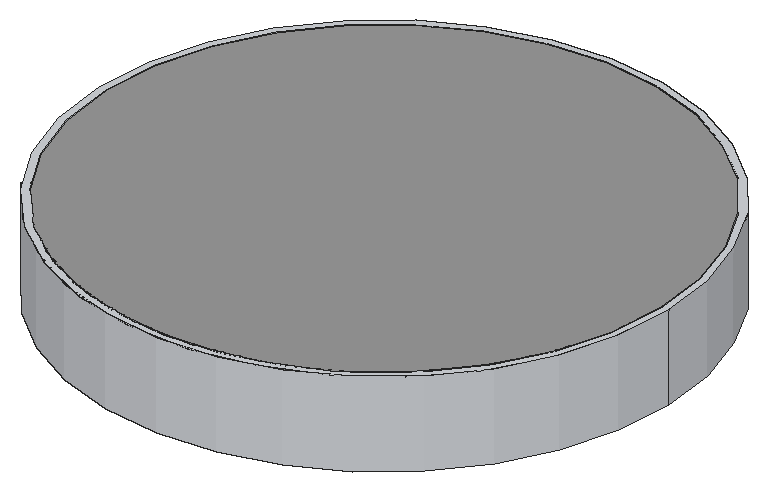
Revit family "2071155", category Lighting Fixtures, host Face, Revit 2018
Family settings
  Host = Face
  Round Connector Dimension = Use Diameter
  Part Type = Normal
  OmniClass Number = 23.80.70.00
  OmniClass Title = Lighting
  Cut with Voids When Loaded = No
  Light Source = Yes
  Shared = No
  Room Calculation Point = No
Parameters (values of type "2071155 COLOSSAL 400 940 OP DIR+H WHT SSC")
  iner diameter = 390 mm
  Weight = "n/a"
  Wattage Comments = ""
  Wattage = 30 W
  WarrantyStartDate [instance] = "n/a"
  WarrantyGuarantorParts = "n/a"
  WarrantyDurationUnit = "n/a"
  WarrantyDurationParts = ""
  WarrantyDescription = "http://www.sylvania-lighting.com"
  built-in parameter 1150110 = 1 (stored number, unit not read)
  Voltage = 230 V
  URL = "0.95"
  TypeName = "COLOSSAL 400mm 940 OPAL DIR+HAL WHITE SSC"
  Type Image = <None>
  Type Comments = "n/a"
  built-in parameter 1114217 = 1 (stored number, unit not read)
  Tilt Angle = -90.00°
  built-in parameter 1150109 = 1 (stored number, unit not read)
  built-in parameter 1150134 = (empty or 0)
  built-in parameter 1150113 = 1 (stored number, unit not read)
  SerialNumber [instance] = "n/a"
  Photometric Web File = "2071155.ies"
  Material_3_SYL = LED-Sylvania
  PowerFactor = 0
  PowerConsumption = "Lighting"
  NominalLength = 400 mm
  NominalHeight = 93 mm
  NominalDepth = 400 mm
  Name = "COLOSSAL 400mm 940 OPAL DIR+HAL WHITE SSC"
  ModelReference = Name  # "COLOSSAL 400mm 940 OPAL DIR+HAL WHITE SSC"
  ModelNumber = "2071155"
  Model = Name  # "COLOSSAL 400mm 940 OPAL DIR+HAL WHITE SSC"
  Material = "Feilo Sylvania"
  ManufacturerName = "111 lm/W"
  Manufacturer = ""
  LuminousEfficacy = ""
  built-in parameter 1150105 = 270.44 (stored number, unit not read)
  Lumens = 3398.4 lm
  LuminaireType = "0"
  built-in parameter 1150115 = 1 (stored number, unit not read)
  LightOutputRatio = "LED"
  built-in parameter 1150137 = (empty or 0)
  built-in parameter 1150139 = (empty or 0)
  LampsType = Lamp  # "n/a"
  LampNominalLuminous = "4000 K"
  LampMacAdamStep = "90"
  LampColourTemperature = "LED"
  LampColourRenderingIndex = "16500"
  built-in parameter 1150112 = 1 (stored number, unit not read)
  built-in parameter 1150114 = 1 (stored number, unit not read)
  Lamp = "n/a"
  Keynote = "n/a"
  InstallationDate [instance] = "n/a"
  InputVoltage = "0"
  InputNominalFrequency = "4000"
  built-in parameter 1150132 = (empty or 0)
  built-in parameter 1150102 = (empty or 0)
  built-in parameter 1150107 = 3000 (stored number, unit not read)
  built-in parameter 1150138 = (empty or 0)
  IngressProtection = "IfcLightFixtureType"
  ImpactProtectionIndex = "IfcLightFixtureType"
  built-in parameter 1150106 = 2.7044 (stored number, unit not read)
  IfcExportType = "IfcLightFixtureType"
  IfcExportAs = "Class I"
  Emit from Circle Diameter = 385 mm
  Emit Shape Visible in Rendering = no
  ElectricShockClassification = "111"
  built-in parameter 1150104 = 10.524 (stored number, unit not read)
  DocumentationLiterature = "http://www.sylvania-lighting.com/product/en-int/products/2071155"
  DimmingControlOptions = "n/a"
  Material_2_SYL = Polycarbonate_Sylvania_White
  Dimming Lamp Color Temperature Shift = <None>
  Description = "400mm diameter circular architectural luminaire, can be surface mounted or suspended. Powder coated aluminium housing (RAL9016) with polycarbonate opal diffuser. Direct/indirect (halo) light distribution, 2280lm luminuous flux, 20.5W system power, 111lm/W luminiaire efficacy. Sylsmart Standalone enabled. Colour rendering index Ra >90, 4000K Neutral White LED, chromaticity tolerance of 3-step MacAdam ellipse. IP40, IK03. 450mA drive current. Electrical protection Class1, 220-240V. Reported lifetime 66k hours L90B10."
  Default Elevation = 1219.2 mm
  CreatedOn = "22/03/2022"
  CreatedBy = "@sylvania-lighting.com"
  Cost = 0
  Color Filter = 16777215
  built-in parameter 1114216 [instance] = (empty or 0)
  ClassificationValue = "EF_70_80"
  ClassificationName = "Uniclass2015"
  Material_1_SYL = Polycarbonate_Sylvania_Opal
  BarCode [instance] = "n/a"
  built-in parameter 1114218 = 1 (stored number, unit not read)
  built-in parameter 1150133 = 10 (stored number, unit not read)
  AssetType = "Fixed"
  AssetIdentifier [instance] = "n/a"
  Assembly Code = "D5020200"
  Apparent Load = 20.5 VA
  Material_4_SYL = none
Reference planes
  plane 1 "Center (Front/Back)": y = 0
  plane 2: z = 0
  plane 3 "Center (Left/Right)": x = 0
  plane 4: x = -200
  plane 5: x = 200
  plane 6: y = 200
  plane 7: y = -200
  plane 8: y = 236
  plane 9: y = -236
  plane 10: z = 93
  plane 11: y = 195
  plane 12: y = -195
  plane 13: y = 90.5
  plane 14: y = 144.5
  plane 15: through (52.25, 90.5, 1219.2) normal (0.866, 0.5, 0)
  plane 16: through (52.25, 90.5, 1219.2) normal (0.866, 0.5, 0)
  plane 17: through (63.706, 126.657, 1219.2) normal (0.866, 0.5, 0)
  plane 18: through (-104.5, 0, 1219.2) normal (-0.866, 0.5, 0)
  plane 19: through (-142.394, -9.633, 1219.2) normal (-0.866, 0.5, 0)
  plane 20: y = -90.5
  plane 21: y = -118.5
  plane 22: through (85.371, -141.133, 1219.2) normal (-0.866, 0.5, 0)
  plane 23: through (52.25, -90.5, 1219.2) normal (-0.866, 0.5, 0)
  plane 24: through (-161.658, 0, 1219.2) normal (0.866, 0.5, 0)
  plane 25: through (-172.12, 9.121, 1219.2) normal (0.866, 0.5, 0)
  plane 26: through (-104.5, 0, 1219.2) normal (0.866, 0.5, 0)
Forms (mm)
  Extrusion 1, solid, detail levels medium+fine
    sketch origin (0, 0, 0) x (1, 0, 0) y (0, 1, 0)
      loop
        circle (0, 0) r 200
    from 33.023 to 93
  Extrusion 2, void
    sketch origin (0, 0, 0) x (1, 0, 0) y (0, 1, 0)
      loop
        circle (0, 0) r 195
    from 93 to 37.292
  Extrusion 3, solid, material "Glass, White, High Luminance", detail levels fine
    sketch origin (0, 0, 0) x (1, 0, 0) y (0, 1, 0)
      loop
        circle (0, 0) r 195
    from 88.026 to 93
  Extrusion 4, solid, detail levels coarse
    sketch origin (0, 0, 0) x (1, 0, 0) y (0, 1, 0)
      loop
        line (-200, 200) -> (-200, -200) -> (200, -200) -> (200, 200) -> (-200, 200)
    from 0 to 93
  Blend 5, solid, detail levels medium+fine
    base sketch origin (0, 0, 0) x (1, 0, 0) y (0, 1, 0)
      loop
        line (-52.25, 90.5) -> (-104.5, 0) -> (-52.25, -90.5) -> (52.25, -90.5) -> (104.5, 0) -> (52.25, 90.5) -> (-52.25, 90.5)
    top sketch origin (0, 0, 0) x (1, 0, 0) y (0, 1, 0)
      loop
        line (-53.405, 144.5) -> (-149.245, -21.5) -> (-93.242, -118.5) -> (98.438, -118.5) -> (151.843, -26) -> (53.405, 144.5) -> (-53.405, 144.5)
    from 0 to 33.023
Cuts and joins
  Extrusion 2 cuts Extrusion 1
Dimensions and locks
  "NominalDepth": plane 6 to plane 7
  "NominalLength": plane 4 to plane 5
  equal spacing: plane 4, plane 3 "Center (Left/Right)", plane 5
  "iner diameter": plane 11 to plane 12
  equal spacing: plane 11, plane 1 "Center (Front/Back)", plane 12
  equal spacing: plane 6, plane 1 "Center (Front/Back)", plane 7
  "NominalHeight": plane 10 to level
  plane 19 to plane 18 = 28 mm
  radius of Extrusion 2 sketch curve = 195 mm
  aligned and locked: plane 2 to host face
  aligned and locked: level to host face
Automatic sketch dimensions
  host sketch curve to host sketch curve = 2438.4 mm  (x2)
  plane 1 "Center (Front/Back)" to Extrusion 1 sketch curve = 0 mm
  Extrusion 1 sketch curve to plane 3 "Center (Left/Right)" = 0 mm
  plane 1 "Center (Front/Back)" to Extrusion 2 sketch curve = 0 mm
  Extrusion 2 sketch curve to plane 3 "Center (Left/Right)" = 0 mm
  plane 1 "Center (Front/Back)" to Extrusion 3 sketch curve = 0 mm
  Extrusion 3 sketch curve to plane 3 "Center (Left/Right)" = 0 mm
  Extrusion 4 sketch curve to plane 4 = 0 mm
  Extrusion 4 sketch curve to plane 5 = 0 mm
  Extrusion 4 sketch curve to plane 7 = 0 mm
  Extrusion 4 sketch curve to plane 6 = 0 mm
  Blend 5 sketch curve to plane 19 = 0 mm  (x2)
  Blend 5 sketch curve to plane 24 = 0 mm  (x2)
  Blend 5 sketch curve to plane 21 = 0 mm
  Blend 5 sketch curve to plane 14 = 0 mm
  Blend 5 sketch curve to plane 17 = 0 mm  (x2)
  Blend 5 sketch curve to plane 22 = 0 mm  (x2)
  radius of Extrusion 1 sketch curve = 200 mm
  radius of Extrusion 3 sketch curve = 195 mm
Connectors
  electrical at (0, 0, 0), driven by "Apparent Load", driven by "PowerFactor", driven by "Voltage"
    settings: index 1, voltage 230 V, apparent load 20.5 VA, apparent load phase1 0 VA, apparent load phase2 0 VA, apparent load phase3 0 VA, power factor 0, load classification "Lighting", number of poles 1, system type 30, power factor state 1, is connector primary yes, connector utility no, sub classification motor no, connector description ""
